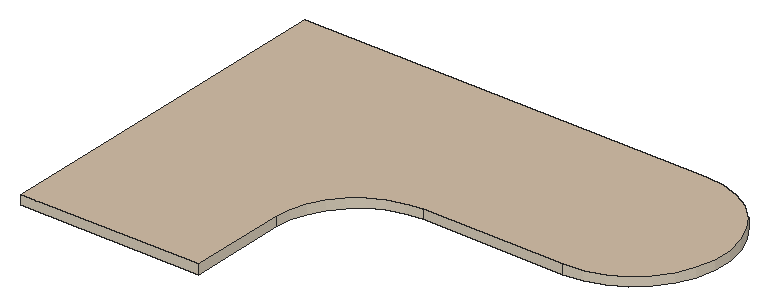
Revit family "a4d2784d015944afaf81f2d1f2a8f9b3", category Furniture Systems, Revit 2021
Family settings
  Round Connector Dimension = Use Diameter
  Part Type = Normal
  OmniClass Number = 23.40.70.14.64.21
  OmniClass Title = Systems Furniture
  Work Plane-Based = No
  Always vertical = Yes
  Cut with Voids When Loaded = No
  Shared = No
  Room Calculation Point = No
Parameters (values of type "66" x 48" x 24"")
  Work Surface Material [instance] = Plastic Laminate - White Oak
  Type Comments = "66\" x 48\" x 24\" L with Round End Work Surface"
  Thickness = 1 1/4"
  Width = 48"
  Model = ""
  Manufacturer = ""
  Length = 66"
  Height = 30"
  Edge Material [instance] = Plastic Laminate - Beige - Light - Smooth
  Description = ""
  Depth = 24"
  Default Elevation = 0"
Reference planes (in)
  plane 1 "Center F/B": y = 0
  plane 2: z = 0
  plane 3 "Center L/R": x = 0
  plane 4: y = -24
  plane 5 "Right": x = 66
  plane 6 "Top": z = 30
  plane 7 "Bottom": z = 28.75
  plane 8: x = 54
  plane 9: x = 42
  plane 10: y = -12
  plane 11: x = 24
  plane 12 "Front": y = -48
  plane 13: y = -35
  plane 14: x = 35
Forms (in)
  Extrusion 1, solid, material "Plastic Laminate - White Oak" <- "Work Surface Material"
    sketch origin (0, 0, 0) x (1, 0, 0) y (0, 1, 0)
      loop
        line (0, 0) -> (0, -48) -> (24, -48) -> (24, -35)
        arc (24, -35) -> (27.22183, -27.22183) -> (35, -24) r 11
        line (35, -24) -> (54, -24)
        arc (54, -24) -> (66, -12) -> (54, 0) r 12
        line (54, 0) -> (0, 0)
    from 28.75 to 30
Lines and regions (in)
  Masking region 1
    outline origin (0, 0, 0) x (1, 0, 0) y (0, 1, 0)
      loop
        line (0, 0) -> (0, -48) -> (24, -48) -> (24, -35)
        arc (24, -35) -> (27.22183, -27.22183) -> (35, -24) r 11
        line (35, -24) -> (54, -24)
        arc (54, -24) -> (66, -12) -> (54, 0) r 12
        line (54, 0) -> (0, 0)
Dimensions and locks (in)
  "Length": plane 3 "Center L/R" to plane 5 "Right"
  "Depth": plane 4 to plane 1 "Center F/B"
  "Thickness": plane 6 "Top" to plane 7 "Bottom"
  "Depth": plane 9 to plane 5 "Right"
  equal spacing: plane 9, plane 8, plane 5 "Right"
  equal spacing: plane 4, plane 10, plane 1 "Center F/B"
  "Width": plane 12 "Front" to plane 1 "Center F/B"
  "Depth": plane 3 "Center L/R" to plane 11
  locked: plane 11 to plane 14 at 11
  locked: plane 4 to plane 13 at 11
  "Height": plane 6 "Top" to plane 2
  radius of Extrusion 1 sketch curve = 11"
  aligned and locked: plane 1 "Center F/B" to Extrusion 1 sketch curve
  aligned and locked: plane 4 to Extrusion 1 sketch curve
  aligned and locked: plane 3 "Center L/R" to Extrusion 1 sketch curve
  aligned and locked: level to plane 2
  aligned and locked: plane 6 "Top" to Extrusion 1
  aligned and locked: plane 7 "Bottom" to Extrusion 1
  aligned and locked: plane 3 "Center L/R" to Masking region 1 sketch curve
  aligned and locked: plane 4 to Masking region 1 sketch curve
  aligned and locked: plane 1 "Center F/B" to Masking region 1 sketch curve
  aligned and locked: plane 8 to Masking region 1 sketch curve  (x3)
  aligned and locked: plane 10 to Masking region 1 sketch curve
  aligned and locked: plane 8 to Extrusion 1 sketch curve  (x2)
  aligned and locked: plane 11 to Extrusion 1 sketch curve
  aligned and locked: Extrusion 1 sketch curve to plane 12 "Front"
  aligned and locked: Extrusion 1 sketch curve to plane 14
  aligned and locked: plane 13 to Extrusion 1 sketch curve  (x2)
  aligned and locked: plane 14 to Extrusion 1 sketch curve
  aligned and locked: Masking region 1 sketch curve to plane 12 "Front"
  aligned and locked: plane 11 to Masking region 1 sketch curve
  aligned and locked: plane 13 to Masking region 1 sketch curve
  aligned and locked: Masking region 1 sketch curve to plane 14
  aligned and locked: Masking region 1 sketch curve to Extrusion 1
